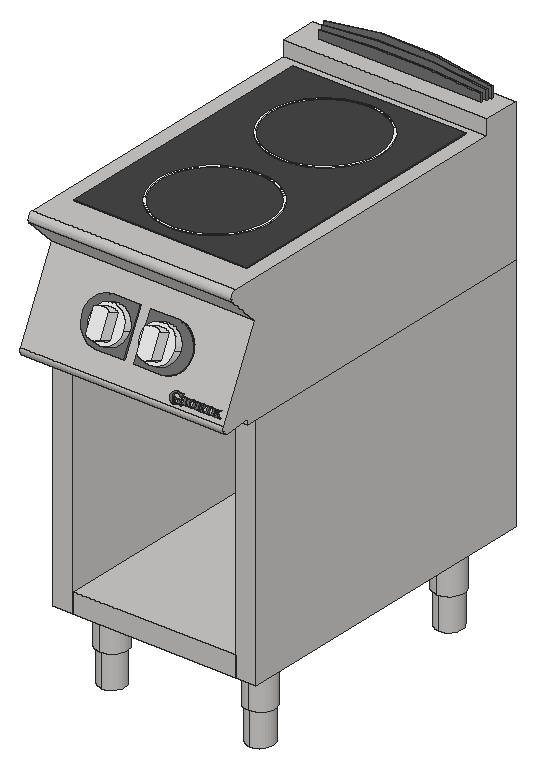
Revit family "QF_GIORIK_CV720G", category Specialty Equipment, Revit 2014
Parameters (values of type "CV720G")
  Weight in Pounds = 132.2772
  Watts = 4200 W
  Volts = 400 V
  URL Cutsheet = "www.giorik.com"
  URL = "www.giorik.com"
  Status [instance] = ""
  Specification by User [instance] = ""
  Specification by Manufacturer = ""
  Show Logo [instance] = yes
  Show Clearance [instance] = yes
  Serial Number = ""
  Seismic Rating = ""
  SMACNA No = ""
  Revision Code [instance] = ""
  Phase = 3
  Number of Poles [instance] = 3
  NAFEM Spec ID Number = ""
  Model = "CV720G"
  Min Ckt Ampacity = 0 A
  Max Overcurrent Protection = 0 A
  Masterspec = ""
  Manufacturer = "GIORIK"
  Item Number [instance] = ""
  Installed By [instance] = ""
  Identify Quantity as Lot [instance] = no
  HP = "5.632284000000"
  Furnished By [instance] = ""
  Foodservice Equipment Identifier [instance] = yes
  FL Amps = 0 A
  Electrical Remarks [instance] = ""
  Electric Connection Type [instance] = ""
  Elec Conn RI Height [instance] = 0 mm
  Elec Conn Connection Height [instance] = 150 mm
  Description = "CERAMIC GLASS HOB ON OPEN BASE UNIT"
  Cycle = 50 Hz
  Conn Plug = ""
  CSI MasterFormat = ""
  Assembly Code = "E1090320"
  Apparent Power = 4200 VA
Reference planes
  plane 1 "Back": y = 0
  plane 2: z = 0
  plane 3 "Left": x = 0
  plane 4 "Right": x = 400
  plane 5 "Front": y = -720
  plane 6 "Top": z = 900
Forms (mm)
  Extrusion 1, solid, visible <- "Show Logo"
    sketch origin (196.604, -736.761, 609.486) x (-1, 0, 0) y (0, 0.452718, 0.891654)
      loop
        line (-118.824, 58.358) -> (-127.804, 58.358) -> (-125.523, 56.445) -> (-125.523, 48.027) -> (-127.804, 46.113) -> (-118.824, 46.113) -> (-121.105, 48.027) -> (-121.105, 56.445) -> (-118.824, 58.358)
      loop
        line (-163.721, 58.358) -> (-172.7, 58.358) -> (-170.42, 56.445) -> (-170.42, 48.027) -> (-172.7, 46.113) -> (-163.721, 46.113) -> (-166.001, 48.027) -> (-166.001, 56.445) -> (-163.721, 58.358)
      loop
        line (-174.332, 58.358) -> (-183.312, 58.358) -> (-181.031, 56.445) -> (-181.031, 52.435) -> (-186.419, 56.955) -> (-184.416, 58.358) -> (-191.268, 58.358) -> (-188.01, 56.839) -> (-185.455, 54.283) -> (-190.846, 47.858) -> (-193.396, 46.93) -> (-193.396, 46.113) -> (-184.416, 46.113) -> (-185.437, 47.571) -> (-182.443, 51.552) -> (-181.031, 50.894) -> (-181.031, 48.027) -> (-183.312, 46.113) -> (-174.332, 46.113) -> (-176.613, 48.027) -> (-176.613, 56.445) -> (-174.332, 58.358)
      loop
        line (-115.429, 62.063) -> (-115.429, 54.198)
        arc (-115.429, 54.198) -> (-111.618, 57.803) -> (-106.847, 59.986) r 16.039
        arc (-106.847, 59.986) -> (-103.314, 59.837) -> (-100.512, 57.68) r 5.851
        arc (-100.512, 57.68) -> (-98.815, 52.267) -> (-100.512, 46.853) r 9.479
        arc (-100.512, 46.853) -> (-102.406, 44.986) -> (-104.846, 43.93) r 7.236
        arc (-104.846, 43.93) -> (-107.728, 44.111) -> (-110.052, 45.825) r 5.11
        line (-110.052, 45.825) -> (-110.052, 52.001) -> (-116.141, 52.001) -> (-116.141, 45.503) -> (-117.893, 43.751) -> (-114.094, 44.769)
        arc (-114.094, 44.769) -> (-112.56, 44.947) -> (-111.129, 44.366) r 3.115
        arc (-111.129, 44.366) -> (-104.216, 42.091) -> (-97.303, 44.366) r 11.641
        arc (-97.303, 44.366) -> (-93.396, 52.107) -> (-97.303, 59.849) r 9.622
        arc (-97.303, 59.849) -> (-104.369, 62.174) -> (-111.435, 59.849) r 11.898
        line (-111.435, 59.849) -> (-115.429, 62.063)
      loop
        arc (-129.234, 56.068) -> (-135.893, 58.628) -> (-142.552, 56.068) r 9.941
        arc (-142.552, 56.068) -> (-144.234, 52.286) -> (-142.552, 48.505) r 5.093
        arc (-142.552, 48.505) -> (-135.893, 45.945) -> (-129.234, 48.505) r 9.941
        arc (-129.234, 48.505) -> (-127.552, 52.286) -> (-129.234, 56.068) r 5.093
      loop
        arc (-132.628, 54.403) -> (-135.893, 57.668) -> (-139.158, 54.403) r 3.265
        line (-139.158, 54.403) -> (-139.158, 50.169)
        arc (-139.158, 50.169) -> (-135.893, 46.904) -> (-132.628, 50.169) r 3.265
        line (-132.628, 50.169) -> (-132.628, 54.403)
      loop
        arc (-156.363, 58.365) -> (-159.647, 55.081) -> (-156.363, 51.796) r 3.285
        line (-156.363, 51.796) -> (-159.529, 47.306) -> (-162.087, 46.113) -> (-155.847, 46.113) -> (-153.529, 51.083) -> (-150.637, 51.083) -> (-150.637, 47.784) -> (-153.022, 46.113) -> (-144.011, 46.113) -> (-146.094, 47.68) -> (-146.094, 56.493) -> (-144.229, 58.365) -> (-156.363, 58.365)
      loop
        line (-150.637, 57.512) -> (-153.637, 57.512)
        arc (-153.637, 57.512) -> (-156.237, 54.912) -> (-153.637, 52.312) r 2.6
        line (-153.637, 52.312) -> (-150.637, 52.312) -> (-150.637, 57.512)
      loop
        line (-108.924, 52.001) -> (-104.936, 49.005) -> (-100.948, 52.001) -> (-108.924, 52.001)
    from 1.5 to -0.5
  Extrusion 2, solid
    sketch origin (-16, 1025.81, 0) x (1, 0, 0) y (0, 1, 0)
      loop
        line (25, -1086.81) -> (25, -1156.81) -> (115, -1156.81) -> (115, -1086.81) -> (25, -1086.81)
    from 148 to 150
  Extrusion 3, solid
    sketch origin (-4, 0, 130) x (1, 0, 0) y (0, 1, 0)
      loop
        circle (54, -385) r 12.5
    from 0 to 20
  Extrusion 4, solid
    sketch origin (0, 1000, -20) x (0, 1, 0) y (0, 0, 1)
      loop
        line (-1000, 919.988) -> (-1070, 919.988) -> (-1070, 889.988) -> (-1688.806, 889.988)
        arc (-1688.806, 889.988) -> (-1699.151, 883.075) -> (-1696.724, 870.873) r 11.197
        line (-1696.724, 870.873) -> (-1640.876, 815.025) -> (-1718.948, 661.258)
        arc (-1718.948, 661.258) -> (-1718.233, 650.105) -> (-1708.118, 645.354) r 10.981
        line (-1708.118, 645.354) -> (-1660, 649.925) -> (-1660, 640) -> (-1000, 640) -> (-1000, 919.988)
    from 0 to 400
  Extrusion 5, solid
    sketch origin (0, 0, 599.536) x (1, 0, 0) y (0, 1, 0)
      loop
        line (0, -640) -> (40, -640) -> (40, -40) -> (360, -40) -> (360, -640) -> (400, -640) -> (400, 0) -> (0, 0) -> (0, -640)
    from -449.536 to 20.464
  Extrusion 6, solid
    sketch origin (0, 0, 0) x (1, 0, 0) y (0, 1, 0)
      loop
        line (40, -40) -> (40, -640) -> (360, -640) -> (360, -40) -> (40, -40)
    from 150 to 190
  Extrusion 7, solid
    sketch origin (-16, 560.81, 0) x (1, 0, 0) y (0, 1, 0)
      loop
        line (25, -1086.81) -> (25, -1156.81) -> (115, -1156.81) -> (115, -1086.81) -> (25, -1086.81)
    from 148 to 150
  Revolve 8, solid
    sketch origin (54, 560.81, 0) x (0, 1, 0) y (0, 0, 1)
      loop
        line (-1092.56, 66) -> (-1092.56, 148) -> (-1121.81, 148) -> (-1121.81, 0) -> (-1096.81, 0) -> (-1096.81, 66) -> (-1092.56, 66)
      axis (-1121.81, 0) -> (-1121.81, 148)
    angle from 0 to 360
  Revolve 9, solid
    sketch origin (54, 1025.81, 0) x (0, 1, 0) y (0, 0, 1)
      loop
        line (-1092.56, 66) -> (-1092.56, 148) -> (-1121.81, 148) -> (-1121.81, 0) -> (-1096.81, 0) -> (-1096.81, 66) -> (-1092.56, 66)
      axis (-1121.81, 0) -> (-1121.81, 148)
    angle from 0 to 360
  Extrusion 10, solid
    sketch origin (416, 560.81, 0) x (-1, 0, 0) y (0, -1, 0)
      loop
        line (25, 1086.81) -> (115, 1086.81) -> (115, 1156.81) -> (25, 1156.81) -> (25, 1086.81)
    from 148 to 150
  Revolve 11, solid
    sketch origin (346, 560.81, 0) x (0, 1, 0) y (0, 0, -1)
      loop
        line (-1092.56, -66) -> (-1096.81, -66) -> (-1096.81, 0) -> (-1121.81, 0) -> (-1121.81, -148) -> (-1092.56, -148) -> (-1092.56, -66)
      axis (-1121.81, 0) -> (-1121.81, -148)
    angle from 0 to 360
  Extrusion 12, solid
    sketch origin (416, -1217.81, 0) x (-1, 0, 0) y (0, -1, 0)
      loop
        line (25, -1086.81) -> (25, -1156.81) -> (115, -1156.81) -> (115, -1086.81) -> (25, -1086.81)
    from 148 to 150
  Revolve 13, solid
    sketch origin (346, -1217.81, 0) x (0, -1, 0) y (0, 0, 1)
      loop
        line (-1092.56, 66) -> (-1092.56, 148) -> (-1121.81, 148) -> (-1121.81, 0) -> (-1096.81, 0) -> (-1096.81, 66) -> (-1092.56, 66)
      axis (-1121.81, 0) -> (-1121.81, 148)
    angle from 0 to 360
  Extrusion 14, solid
    sketch origin (-273.221, -963.345, 52.363) x (1, 0, 0) y (0, 0.452718, 0.891654)
      loop
        line (463.221, 676.25) -> (463.221, 766.25) -> (409.698, 766.25)
        arc (409.698, 766.25) -> (364.698, 721.25) -> (409.698, 676.25) r 45
        line (409.698, 676.25) -> (463.221, 676.25)
    from 48 to 50
  Extrusion 15, solid
    sketch origin (501.331, -1008.697, 74.959) x (-1, 0, 0) y (0, -0.45351, -0.891251)
      loop
        circle (351.331, -721.346) r 35
    from 0 to 15
  Extrusion 16, solid
    sketch origin (501.331, -1008.697, 74.959) x (-1, 0, 0) y (0, -0.45351, -0.891251)
      loop
        arc (336.331, -743.846) -> (351.331, -748.846) -> (366.331, -743.846) r 25
        line (366.331, -743.846) -> (366.331, -698.846)
        arc (366.331, -698.846) -> (351.331, -693.846) -> (336.331, -698.846) r 25
        line (336.331, -698.846) -> (336.331, -743.846)
    from 15 to 40
  Extrusion 17, solid
    sketch origin (-94, 0, -10.001) x (1, 0, 0) y (0, 0, 1)
      loop
        line (135, 909.989) -> (453, 909.989) -> (453, 925.527) -> (347.056, 931.749) -> (240.944, 931.749) -> (135, 925.527) -> (135, 909.989)
    from 32 to 35
  Extrusion 18, solid
    sketch origin (-92, 10, -10.001) x (1, 0, 0) y (0, 0, 1)
      loop
        line (454, 909.989) -> (454, 928.527) -> (346.162, 939.193) -> (237.838, 939.193) -> (130, 928.527) -> (130, 909.989) -> (454, 909.989)
    from 32 to 35
  Extrusion 19, solid
    sketch origin (-90, 20, -10.001) x (1, 0, 0) y (0, 0, 1)
      loop
        line (455, 909.989) -> (455, 930.527) -> (345.396, 947.413) -> (234.604, 947.413) -> (125, 930.527) -> (125, 909.989) -> (455, 909.989)
    from 32 to 35
  Extrusion 20, solid
    sketch origin (673.255, -963.345, 52.363) x (-1, 0, 0) y (0, -0.452718, -0.891654)
      loop
        line (463.221, -676.25) -> (409.698, -676.25)
        arc (409.698, -676.25) -> (364.698, -721.25) -> (409.698, -766.25) r 45
        line (409.698, -766.25) -> (463.221, -766.25) -> (463.221, -676.25)
    from 48 to 50
  Extrusion 21, solid
    sketch origin (-101.297, -1008.697, 74.959) x (1, 0, 0) y (0, 0.45351, 0.891251)
      loop
        circle (351.331, 721.346) r 35
    from 0 to 15
  Extrusion 22, solid
    sketch origin (-101.297, -1008.697, 74.959) x (1, 0, 0) y (0, 0.45351, 0.891251)
      loop
        line (336.331, 743.846) -> (336.331, 698.846)
        arc (336.331, 698.846) -> (351.331, 693.846) -> (366.331, 698.846) r 25
        line (366.331, 698.846) -> (366.331, 743.846)
        arc (366.331, 743.846) -> (351.331, 748.846) -> (336.331, 743.846) r 25
    from 15 to 40
  Extrusion 23, solid
    sketch origin (0, 0, 821) x (0, 1, 0) y (-1, 0, 0)
      loop
        line (-625, -30) -> (-625, -370) -> (-85, -370) -> (-85, -30) -> (-625, -30)
    from 48 to 50
  Extrusion 24, solid
    sketch origin (10, -722.5, 848.488) x (0, -1, 0) y (1, 0, 0)
      loop
        circle (-231.5, 189.999) r 110
      loop
        circle (-231.5, 189.999) r 106.5
    from 23 to 20.512
  Extrusion 25, solid
    sketch origin (10, -450.5, 848.488) x (0, -1, 0) y (1, 0, 0)
      loop
        circle (-231.5, 189.999) r 110
      loop
        circle (-231.5, 189.999) r 106.5
    from 23 to 20.512
Lines and regions (mm)
  symbolic lines, style "200-EquipBorder-2D"
    curve 1: line (0, -720, 0) -> (400, -720, 0)
    curve 2: line (400, -720, 0) -> (400, 0, 0)
    curve 3: line (400, 0, 0) -> (0, 0, 0)
    curve 4: line (0, 0, 0) -> (0, -720, 0)
  symbolic lines, style "200-EquipInternal-2D"
    curve 5: line (0, -70, 900) -> (400, -70, 900)
    curve 6: line (35, -12, 900) -> (365, -12, 900)
    curve 7: line (365, -12, 900) -> (365, -15, 900)
    curve 8: line (365, -15, 900) -> (35, -15, 900)
    curve 9: line (35, -15, 900) -> (35, -12, 900)
    curve 10: line (38, -22, 900) -> (362, -22, 900)
    curve 11: line (362, -22, 900) -> (362, -25, 900)
    curve 12: line (362, -25, 900) -> (38, -25, 900)
    curve 13: line (38, -25, 900) -> (38, -22, 900)
    curve 14: line (41, -32, 900) -> (359, -32, 900)
    curve 15: line (359, -32, 900) -> (359, -35, 900)
    curve 16: line (359, -35, 900) -> (41, -35, 900)
    curve 17: line (41, -35, 900) -> (41, -32, 900)
    curve 18: line (370, -85, 900) -> (30, -85, 900)
    curve 19: line (370, -625, 900) -> (370, -85, 900)
    curve 20: line (30, -85, 900) -> (30, -625, 900)
    curve 21: line (30, -625, 900) -> (370, -625, 900)
    curve 22: circle (199.999, -219, 900) r 110 normal (0, 0, 1)
    curve 23: circle (199.999, -219, 900) r 106.5 normal (0, 0, 1)
    curve 24: circle (199.999, -491, 900) r 110 normal (0, 0, 1)
    curve 25: circle (199.999, -491, 900) r 106.5 normal (0, 0, 1)
Dimensions and locks
  plane 3 "Left" to plane 4 "Right" = 400 mm
  plane 5 "Front" to plane 1 "Back" = 720 mm
  plane 4 "Right" to plane 3 "Left" = 400 mm
  plane 1 "Back" to plane 5 "Front" = 720 mm
  plane 6 "Top" to level = 900 mm  (x2)
  aligned and locked: level to plane 2
Connectors
  electrical at (50, -385, 130), driven by "Apparent Power", driven by "Volts", driven by "Number of Poles"
    settings: on Extrusion 3, index 1, voltage 400 V, apparent load 0 VA, apparent load phase1 4200 VA, apparent load phase2 0 VA, apparent load phase3 0 VA, power factor 1, load classification "Other", number of poles 3, system type 31, power factor state 1, is connector primary yes, connector utility no, sub classification motor no, connector description "Electrical connection"
